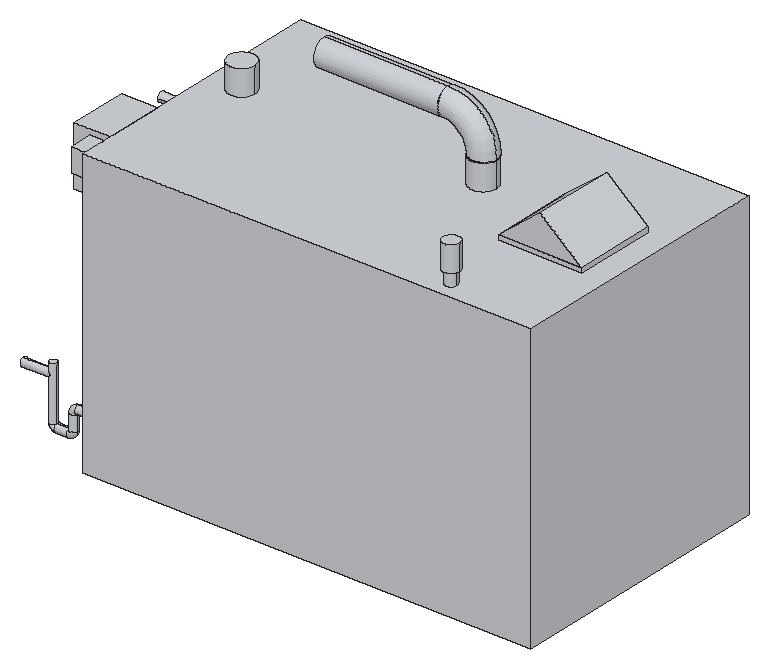
Revit family "AMP_BFIT 2500-3000 Water Heater", category Mechanical Equipment, Revit 2019
Family settings
  Round Connector Dimension = Use Diameter
  Part Type = Normal
  OmniClass Number = 23.75.00.00
  OmniClass Title = Climate Control (HVAC)
  Work Plane-Based = No
  Always vertical = Yes
  Cut with Voids When Loaded = No
  Shared = No
  Room Calculation Point = No
Parameters (values of type "AMP/BFIT 2500-3000 Water Heater")
  Width = 46"
  Length = 75 5/8"
  Height = 48 3/8"
  Voltage = ""
  Vent = "10\" EZ Vent"
  Manufacturer = "Bryan Steam"  # constant formula
  Hydronic Supply = "4\" Victaulic"
  Hydronic Return = "4\" Victaulic"
  Gas Train = "1-1/2\" NPT"
  Condensate Trap = "1\" Pipe"
  Boiler Drain = "3/4\" NPT"
  Air Supply = "10\""
Reference planes
  plane 1 "Center (Front/Back)": y = 0
  plane 2: z = 0
  plane 3 "Center (Left/Right)": x = 0
  plane 4 "Vent": y = 96.749
  plane 5 "Condensate Trap": y = -457.2
  plane 6 "Supply 4" Victualic Elbow Style 10": x = 213.741
  plane 7 "3" Supply Manifold": z = 1466.85
  plane 8 "3" Supply Elbow Victaulic Style 10": y = 96.749
Forms (mm)
  Extrusion 1, solid
    sketch origin (0, 0, 0) x (1, 0, 0) y (0, 1, 0)
      loop
        line (-960.437, 584.2) -> (-960.437, -584.2) -> (960.438, -584.2) -> (960.438, 584.2) -> (-960.437, 584.2)
    from 0 to 1228.725
  Extrusion 2, solid
    sketch origin (0, 0, 1228.725) x (1, 0, 0) y (0, 1, 0)
      loop
        line (497.624, 177.8) -> (497.624, -177.8) -> (855.663, -177.8) -> (855.663, 177.8) -> (497.624, 177.8)
    from 0 to 21.63
  Extrusion 3, solid
    sketch origin (855.663, -177.8, 1228.725) x (-1, 0, 0) y (0, 0, -1)
      loop
        line (358.038, -21.63) -> (0, -21.63) -> (179.019, -167.063) -> (358.038, -21.63)
    from 0 to -355.6
  Extrusion 4, solid
    sketch origin (0, 0, 1228.725) x (1, 0, 0) y (0, 1, 0)
      loop
        circle (-820.737, 95.25) r 57.15
      loop
        circle (213.754, 95.25) r 57.15
    from 0 to 107.95
  Extrusion 5, solid
    sketch origin (-960.437, -584.2, 0) x (0, 1, 0) y (0, 0, -1)
      loop
        circle (987.425, -282.575) r 123.596
      loop
        circle (987.425, -282.575) r 119.863
    from 0 to 34.925
  Sweep 6, solid
    path origin (0, -457.2, 0) x (-1, 0, 0) y (0, 0, 1)
      loop
        line (960.437, 146.406) -> (1081.443, 146.406)
        arc (1081.443, 146.406) -> (1093.8, 141.287) -> (1098.918, 128.93) r 17.475
        line (1098.918, 128.93) -> (1098.918, 62.281)
        arc (1098.918, 62.281) -> (1104.037, 49.924) -> (1116.393, 44.806) r 17.475
        line (1116.393, 44.806) -> (1170.356, 44.806)
        arc (1170.356, 44.806) -> (1182.704, 49.92) -> (1187.818, 62.268) r 17.463
        line (1187.818, 62.268) -> (1187.818, 292.456)
    profile origin (-1020.94, -457.2, 146.406) x (0, 0, 1) y (0, 1, 0)
      loop
        circle (0, 0) r 16.701
  Revolve 7, solid
    sketch origin (0, -457.2, 0) x (-1, 0, 0) y (0, 0, 1)
      loop
        line (1316.037, 247.65) -> (1316.037, 264.351) -> (1187.45, 264.351) -> (1187.45, 247.65) -> (1316.037, 247.65)
      axis (1187.45, 247.65) -> (1316.037, 247.65)
    angle from 0 to 360
  Extrusion 8, solid
    sketch origin (-960.437, -584.2, 0) x (0, 1, 0) y (0, 0, -1)
      loop
        line (119.888, -1223.95) -> (119.888, -1122.35) -> (18.288, -1122.35) -> (18.288, -1223.95) -> (119.888, -1223.95)
    from 0 to 63.004
  Revolve 9, solid
    sketch origin (0, 95.25, 0) x (-1, 0, 0) y (0, 0, 1)
      loop
        line (1166.812, 766.775) -> (1160.126, 894.362) -> (906.474, 881.069) -> (913.161, 753.482) -> (1166.812, 766.775)
      axis (913.161, 753.482) -> (1166.812, 766.775)
    angle from 0 to 360
  Extrusion 10, solid
    sketch origin (-960.437, -584.2, 0) x (0, 1, 0) y (0, 0, -1)
      loop
        circle (679.45, -1076.325) r 13.335
      loop
        circle (679.45, -1076.325) r 10.465
    from 0 to 146.05
  Sweep 11, solid
    path origin (0, 96.749, 0) x (-1, 0, 0) y (0, 0, 1)
      loop
        line (-215.383, 1336.675) -> (-215.383, 1339.85)
        arc (-215.383, 1339.85) -> (-170.746, 1447.613) -> (-62.983, 1492.25) r 152.4
        line (-62.983, 1492.25) -> (468.312, 1492.25)
    profile origin (170.746, 96.749, 1447.613) x (0.707107, 0, 0.707107) y (0, 1, 0)
      loop
        circle (0, 0) r 57.15
  Extrusion 12, solid
    sketch origin (-960.437, -584.2, 0) x (0, 1, 0) y (0, 0, -1)
      loop
        line (403.225, -1227.138) -> (403.225, -973.138) -> (149.225, -973.138) -> (149.225, -1227.138) -> (403.225, -1227.138)
    from 0 to 155.575
  Extrusion 13, solid
    sketch origin (0, 0, 1228.725) x (1, 0, 0) y (0, 1, 0)
      loop
        circle (557.213, -504.825) r 24.13
    from 0 to 57.15
  Extrusion 14, solid
    sketch origin (0, 0, 1285.875) x (1, 0, 0) y (0, 1, 0)
      loop
        circle (557.213, -504.825) r 34.925
    from 0 to 107.95
  Extrusion 15, solid
    sketch origin (-1106.487, -584.2, 0) x (0, 1, 0) y (0, 0, -1)
      loop
        circle (679.45, -1076.325) r 19.05
    from 0 to 60.325
Lines and regions (mm)
  model lines
    curve 1: circle (213.897, 97.198, 1336.675) r 50.8 normal (0, 0, 1)
Dimensions and locks
  "Height": Extrusion 1 to level
  equal spacing: Extrusion 1 sketch curve, plane 3 "Center (Left/Right)", Extrusion 1 sketch curve
  "Length": Extrusion 1 sketch curve to Extrusion 1 sketch curve
  equal spacing: Extrusion 1 sketch curve, plane 1 "Center (Front/Back)", Extrusion 1 sketch curve
  "Width": Extrusion 1 sketch curve to Extrusion 1 sketch curve
  locked: Extrusion 2 sketch curve to Extrusion 1 at 104.775
  locked: Extrusion 2 sketch curve to Extrusion 2 sketch curve at 358.038
  locked: Extrusion 2 sketch curve to Extrusion 2 sketch curve at 355.6
  locked: Extrusion 2 sketch curve to Extrusion 1 at 406.4
  locked: Extrusion 1 to Extrusion 4 sketch curve at 488.95  (x2)
  locked: Extrusion 1 to Extrusion 5 sketch curve at 282.575
  Extrusion 1 to Extrusion 5 sketch curve = 7 1/8"
  Revolve 7 sketch curve to Revolve 7 sketch curve = 0.6575"
  level to plane 7 "3" Supply Manifold" = 57 3/4"
  locked: plane 3 "Center (Left/Right)" to plane 6 "Supply 4" Victualic Elbow Style 10" at 213.741
  locked: plane 8 "3" Supply Elbow Victaulic Style 10" to plane 1 "Center (Front/Back)" at 96.749
  locked: plane 4 "Vent" to plane 1 "Center (Front/Back)" at 96.749
  locked: plane 5 "Condensate Trap" to plane 1 "Center (Front/Back)" at 457.2
  locked: Sweep 6 sketch curve to Sweep 6 sketch curve at 88.9
  locked: Sweep 6 sketch curve to Sweep 6 sketch curve at 247.65
  locked: Revolve 7 sketch curve to Revolve 7 sketch curve at 128.588
  locked: Extrusion 8 sketch curve to Extrusion 8 sketch curve at 101.6  (x2)
  Extrusion 5 sketch curve to Extrusion 5 sketch curve = 0"  (x2)
  locked: Revolve 9 sketch curve to Revolve 9 sketch curve at 127.762
  Extrusion 1 to Extrusion 10 sketch curve = 42 3/8"
  equal spacing: Extrusion 1, Extrusion 10 sketch curve, Extrusion 10 sketch curve  (x2)
  locked: Extrusion 1 to Extrusion 10 sketch curve at 488.95
  locked: Extrusion 1 to Extrusion 4 sketch curve at 139.7
  locked: Extrusion 4 sketch curve to Extrusion 1 at 746.684
  locked: Extrusion 1 to Sweep 11 sketch curve at 492.125
  locked: Extrusion 1 to Sweep 11 sketch curve at 263.525
  locked: Extrusion 1 to Revolve 7 sketch curve at 247.65  (x2)
  locked: Extrusion 12 sketch curve to Extrusion 12 sketch curve at 254  (x2)
  locked: Extrusion 12 sketch curve to Extrusion 1 at 149.225
  locked: Extrusion 12 sketch curve to Extrusion 1 at 1.587
  locked: Extrusion 1 to Extrusion 13 sketch curve at 79.375
  locked: Extrusion 13 sketch curve to Extrusion 1 at 403.225
  locked: Extrusion 1 to Extrusion 14 sketch curve at 79.375
  locked: Extrusion 14 sketch curve to Extrusion 1 at 403.225
  locked: Extrusion 1 to Extrusion 15 sketch curve at 152.4
  locked: Extrusion 1 to Extrusion 15 sketch curve at 488.95
  diameter of Extrusion 13 sketch curve = 1.9"
  diameter of Extrusion 14 sketch curve = 2 3/4"
  diameter of Extrusion 15 sketch curve = 1 1/2"
  diameter of Sweep 11 sketch curve = 12"
  aligned and locked: level to plane 2
Automatic sketch dimensions
  Extrusion 3 sketch curve to Extrusion 2 = 0"  (x3)
  Extrusion 3 sketch curve to Extrusion 2 = 7.048"
  Extrusion 3 sketch curve to Extrusion 2 = 5.72571"
  Sweep 6 sketch curve to plane 5 "Condensate Trap" = 0"
  profile plane to Sweep 6 sketch curve = 0"
  Sweep 6 sketch curve to Sweep 6 sketch curve = 0.688"  (x2)
  Sweep 6 sketch curve to Sweep 6 sketch curve = 11/16"
  Sweep 6 sketch curve to Sweep 6 sketch curve = 2.624"
  Sweep 6 sketch curve to Sweep 6 sketch curve = 4.764"
  Revolve 7 sketch curve to Revolve 7 sketch curve = 0.2025"
  Revolve 7 sketch curve to Revolve 7 sketch curve = 0.828"
  Extrusion 5 sketch curve to Extrusion 5 sketch curve = 0"  (x2)
  Revolve 9 sketch curve to Revolve 9 sketch curve = 5.32404"
  Revolve 9 sketch curve to Revolve 9 sketch curve = 0"  (x2)
  level to Sweep 6 sketch curve = 5.764"
  Sweep 6 sketch curve to plane 3 "Center (Left/Right)" = 42.5765"
  Revolve 7 sketch curve to plane 3 "Center (Left/Right)" = 46 3/4"
  Extrusion 1 to Extrusion 8 sketch curve = 0.188"
  Extrusion 8 sketch curve to Extrusion 1 = 0.72"
  Revolve 9 sketch curve to plane 3 "Center (Left/Right)" = 35.68795"
  Revolve 9 sketch curve to plane 7 "3" Supply Manifold" = 28.08536"
  Revolve 9 sketch curve to Revolve 9 sketch curve = 0.26325"
  Revolve 9 sketch curve to plane 7 "3" Supply Manifold" = 22.53889"
  Extrusion 10 sketch curve to Extrusion 10 sketch curve = 0"  (x2)
  Sweep 11 sketch curve to plane 8 "3" Supply Elbow Victaulic Style 10" = 0"
  Sweep 11 sketch curve to profile plane = 0"
  plane 3 "Center (Left/Right)" to Sweep 11 sketch curve = 2.47964"
  Sweep 11 sketch curve to Sweep 11 sketch curve = 1/8"
  radius of Sweep 6 sketch curve = 0.6575"
  radius of Extrusion 5 sketch curve = 4.866"
  radius of Extrusion 5 sketch curve = 4.719"
  radius of Extrusion 10 sketch curve = 0.412"
  radius of Extrusion 10 sketch curve = 0.525"
  radius of Extrusion 4 sketch curve = 2 1/4"  (x2)
  radius of curve 1 = 2"
  radius of Sweep 11 sketch curve = 2 1/4"
Connectors
  piping at (-820.737, 95.25, 1336.675), diameter 101.6
    settings: on Extrusion 4, index 2, connector inside diameter 24", connector length 0", flow factor 0, pipe flow 0 GPM, pressure drop 0.00 psi, fitting loss kfactor 0, connector angle 0.00°, fixture units 0, engagement length 0", angle of deflection 0.00°, flow configuration 0, flow direction 1, fitting loss method 0, system type 8, joint type 0, gender type 0, connector reference index -1, connector utility 0, adjustable connector no, is connector primary yes, connector description ""
  piping at (-995.362, 403.225, 282.575), diameter 254
    settings: on Extrusion 5, index 4, connector inside diameter 24", connector length 0", flow factor 0, pipe flow 0 GPM, pressure drop 0.00 psi, fitting loss kfactor 0, connector angle 0.00°, fixture units 0, engagement length 0", angle of deflection 0.00°, flow configuration 0, flow direction 1, fitting loss method 0, system type 22, joint type 0, gender type 0, connector reference index -1, connector utility 0, adjustable connector no, is connector primary no, connector description ""
  piping at (-1316.037, -457.2, 247.65), diameter 25.4
    settings: on Revolve 7, index 6, connector inside diameter 24", connector length 0", flow factor 0, pipe flow 0 GPM, pressure drop 0.00 psi, fitting loss kfactor 0, connector angle 0.00°, fixture units 0, engagement length 0", angle of deflection 0.00°, flow configuration 0, flow direction 2, fitting loss method 0, system type 22, joint type 0, gender type 0, connector reference index -1, connector utility 0, adjustable connector no, is connector primary no, connector description ""
  piping at (-468.312, 96.749, 1492.25), diameter 101.6
    settings: on Sweep 11, index 7, connector inside diameter 24", connector length 0", flow factor 0, pipe flow 0 GPM, pressure drop 0.00 psi, fitting loss kfactor 0, connector angle 0.00°, fixture units 0, engagement length 0", angle of deflection 0.00°, flow configuration 0, flow direction 2, fitting loss method 0, system type 7, joint type 0, gender type 0, connector reference index -1, connector utility 0, adjustable connector no, is connector primary no, connector description ""
  piping at (-1166.812, 95.25, 766.775), diameter 254
    settings: on Revolve 9, index 9, connector inside diameter 24", connector length 0", flow factor 0, pipe flow 0 GPM, pressure drop 0.00 psi, fitting loss kfactor 0, connector angle 0.00°, fixture units 0, engagement length 0", angle of deflection 0.00°, flow configuration 0, flow direction 2, fitting loss method 0, system type 17, joint type 0, gender type 0, connector reference index -1, connector utility 0, adjustable connector no, is connector primary no, connector description ""
  piping at (557.213, -504.825, 1393.825), diameter 38.1
    settings: on Extrusion 14, index 10, connector inside diameter 24", connector length 0", flow factor 0, pipe flow 0 GPM, pressure drop 0.00 psi, fitting loss kfactor 0, connector angle 0.00°, fixture units 0, engagement length 0", angle of deflection 0.00°, flow configuration 0, flow direction 1, fitting loss method 0, system type 22, joint type 0, gender type 0, connector reference index -1, connector utility 0, adjustable connector no, is connector primary no, connector description ""
  piping at (-1166.812, 95.25, 1076.325), diameter 19.05
    settings: on Extrusion 15, index 11, connector inside diameter 24", connector length 0", flow factor 0, pipe flow 0 GPM, pressure drop 0.00 psi, fitting loss kfactor 0, connector angle 0.00°, fixture units 0, engagement length 0", angle of deflection 0.00°, flow configuration 0, flow direction 2, fitting loss method 0, system type 22, joint type 0, gender type 0, connector reference index -1, connector utility 0, adjustable connector no, is connector primary no, connector description ""
